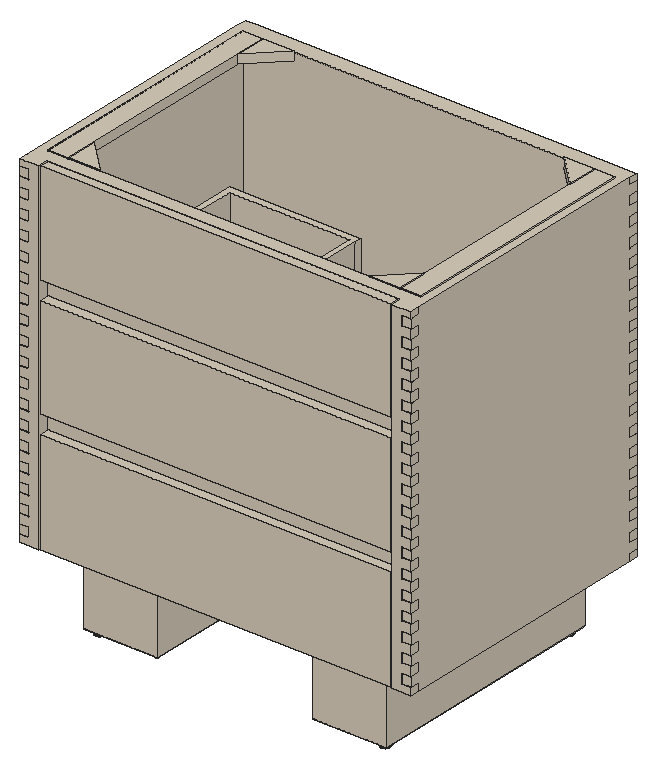
Revit family "Furniture-Floor_Mount-Vanity-KOHLER-Landshapes-K-32264_1", category Casework, host Face, Revit 2021
Family settings
  Host = Face
  OmniClass Number = 23.31.25.13
  OmniClass Title = Bathroom Cabinets
  Cut with Voids When Loaded = No
  Shared = No
  Room Calculation Point = No
Parameters (values of type "STT-White Oak")
  Width = 31.02362"  # constant formula
  WaterSense Certified = 1 = 0  # no
  URL = "https://www.us.kohler.com/us/"
  Type = 1
  Product Page URL = "http://www.us.kohler.com/us/catalog/productDetails.jsp?productNumber=32264"
  Product Name = "Landshapes"  # constant formula
  Product Documentation Link = "https://www.us.kohler.com/webassets/kpna/catalog/pdf/en/K-32264_spec_US-CA_Kohler_en.pdf"
  Model = if(Type = 1, "K-32264-STT", "NA")  # "K-32264-STT"
  Material = "Solid Wood"  # constant formula
  Master Format 2014 Name = "Bathroom Casework"  # constant formula
  Master Format 2014 = "12 35 30.23"  # constant formula
  Manufacturer Address = "Kohler  Co. 444 Highland Dr. Kohler, WI 53044"  # constant formula
  Manufacturer = "Kohler Co."  # constant formula
  Product Finish = Kohler-Wood-STT-White_Oak
  Height = 33.50394"  # constant formula
  Hardware Included = 1 = 0  # no
  Finish = if(Type = 1, "Kohler-Wood-STT", "NA")  # "Kohler-Wood-STT"
  Environmental Product Declaration = ""
  Description = "30 INCHES VANITY - DANIEL ARSHAM"  # constant formula
  Depth = 22.3622"  # constant formula
  Default Elevation = 0"
  Declare Label = ""
  Date Modified = "04/07/2024"  # constant formula
  Date Created = "04/07/2024"  # constant formula
  Copyright = "Copyright Kohler Co."  # constant formula
  Contact Us = "https://www.us.kohler.com/us/static/contact.jsp"
  Construction Type = "Floor Mount"  # constant formula
  Assembly Code = "E2010.30"
  ADA Compliant = 1 = 0  # no
Reference planes (in)
  plane 1 "Center (Front/Back)": y = 0
  plane 2: z = 0
  plane 3 "Center (Left/Right)": x = 0
  plane 4: y = 10.68898
  plane 5: y = -11.20079
  plane 6: x = -15.51181
  plane 7: x = 15.51181
  plane 8: y = -11.67323
  plane 9: z = 33.50394
  plane 10: y = 3.91732
  plane 11: y = -8.95669
  plane 12: x = -6
  plane 13: x = -11.3189
  plane 14: x = -13.89764
  plane 15: x = 6
  plane 16: x = 11.3189
  plane 17: x = 13.89764
  plane 18: z = 11.27559
  plane 19: z = 23.26772
  plane 20: z = 0.27559
  plane 21: z = 6.1811
  plane 22: y = 9.27165
Dimensions and locks (in)
  "Depth": plane 4 to plane 8
  "Width": plane 6 to plane 7
  "Height": plane 9 to level
  plane 8 to plane 10 = 15.59055"
  plane 12 to plane 15 = 12"
  plane 20 to level = 0.27559"
  plane 21 to plane 20 = 5.90551"
  plane 18 to plane 20 = 11"
  plane 19 to plane 18 = 11.99213"
  plane 22 to plane 11 = 18.22835"
  aligned and locked: plane 2 to host face
  aligned and locked: level to host face
  aligned and locked: plane 3 "Center (Left/Right)" to nested 1
  aligned and locked: plane 4 to nested 1
Automatic sketch dimensions
  host sketch curve to host sketch curve = 96"  (x2)
Nested families (in)
  nested 1: "K-32264" at (-0.7377, 12.32677, 0), type "K-32264"
Definition of nested family "K-32264"
  Parameters (values of type "K-32264")
    Material = none
    Depth = 24"
    Height = 33.50394"
    Width = 48"
    Default Elevation = 0"
  Reference planes (in)
    plane 1: z = 0
    plane 2 "Center (Left/Right)": x = 0.7377
    plane 3 "Left": x = -23.2623
    plane 4 "Right": x = 24.7377
    plane 5 "Front": y = -24
    plane 6 "Top": z = 33.50394
    plane 7: x = -14.77411
    plane 8: x = 16.24952
    plane 9: y = -1.6378
    plane 10: x = -13.15993
    plane 11: x = 14.63534
    plane 12: y = -8.40945
    plane 13: x = -5.2623
    plane 14: x = 6.7377
    plane 15: z = 0.27559
    plane 16: z = 6.1811
    plane 17: z = 11.27559
    plane 18: z = 23.26772
    plane 19: x = -10.58119
    plane 20: x = 12.0566
    plane 21: x = -11.28985
    plane 22: x = 12.76526
    plane 23: y = -2.38583
    plane 24: y = -21.28346
    plane 25: y = -3.05512
  Forms (in)
    Sweep 1, solid, material <- "Material", detail levels medium+fine
      path origin (0, 0, 0) x (1, 0, 0) y (0, 1, 0)
        loop
          line (-11.28985, -2.38583) -> (-11.28985, -22.0315) -> (-5.38434, -22.0315) -> (-5.38434, -2.38583) -> (-11.28985, -2.38583)
      profile origin (-11.28985, -12.20866, 0) x (1, 0, 0) y (0, 0, 1)
        loop
          line (0, 0.43342) -> (0.11832, 0.3151) -> (0.19685, 0.3151) -> (0.19685, 6.22082) -> (0, 6.22082) -> (0, 0.43342)
    Sweep 2, solid, material <- "Material", detail levels medium+fine
      path origin (1.47541, 0, 0) x (-1, 0, 0) y (0, -1, 0)
        loop
          line (-11.28985, 2.38583) -> (-5.38434, 2.38583) -> (-5.38434, 22.0315) -> (-11.28985, 22.0315) -> (-11.28985, 2.38583)
      profile origin (12.76526, -12.20866, 0) x (1, 0, 0) y (0, 0, 1)
        loop
          line (0, 0.43342) -> (0, 6.22082) -> (-0.19685, 6.22082) -> (-0.19685, 0.3151) -> (-0.11832, 0.3151) -> (0, 0.43342)
    Extrusion 3, solid, material <- "Material", detail levels medium+fine
      sketch origin (0, 0, 0) x (1, 0, 0) y (0, 1, 0)
        loop
          line (-11.093, -21.83465) -> (-5.58119, -21.83465) -> (-5.58119, -2.58268) -> (-11.093, -2.58268) -> (-11.093, -21.83465)
        loop
          line (7.0566, -2.58268) -> (7.0566, -21.83465) -> (12.56841, -21.83465) -> (12.56841, -2.58268) -> (7.0566, -2.58268)
      from 0.3151 to 6.22082
    Extrusion 4, solid, material <- "Material", detail levels medium+fine
      sketch origin (0, 0, 0) x (1, 0, 0) y (0, 1, 0)
        loop
          line (-13.27804, -24) -> (-13.27804, -23.17323) -> (14.75345, -23.17323) -> (14.75345, -23.25197) -> (14.75345, -24) -> (16.24952, -24) -> (16.24952, -1.6378) -> (15.50148, -1.6378) -> (-14.02607, -1.6378) -> (-14.77411, -1.6378) -> (-14.77411, -24) -> (-13.27804, -24)
        loop
          line (-14.02607, -22.11024) -> (15.50148, -22.11024) -> (15.50148, -2.85827) -> (-14.02607, -2.85827) -> (-14.02607, -22.11024)
      from 6.22082 to 33.46492
    Extrusion 5, void
      sketch origin (0.7377, 0, 0) x (0, 1, 0) y (0, 0, 1)
        loop
          line (-23.25197, 32.97279) -> (-23.25197, 33.54366) -> (-24.82677, 33.54366) -> (-24.82677, 5.9846) -> (-23.25197, 5.9846) -> (-23.25197, 6.79169) -> (-24, 6.79169) -> (-24, 7.53972) -> (-23.25197, 7.53972) -> (-23.25197, 8.28775) -> (-24, 8.28775) -> (-24, 9.03579) -> (-23.25197, 9.03579) -> (-23.25197, 9.78382) -> (-24, 9.78382) -> (-24, 10.53185) -> (-23.25197, 10.53185) -> (-23.25197, 11.27988) -> (-24, 11.27988) -> (-24, 12.02791) -> (-23.25197, 12.02791) -> (-23.25197, 12.77594) -> (-24, 12.77594) -> (-24, 13.52397) -> (-23.25197, 13.52397) -> (-23.25197, 14.27201) -> (-24, 14.27201) -> (-24, 15.02004) -> (-23.25197, 15.02004) -> (-23.25197, 15.76807) -> (-24, 15.76807) -> (-24, 16.5161) -> (-23.25197, 16.5161) -> (-23.25197, 17.26413) -> (-24, 17.26413) -> (-24, 18.01216) -> (-23.25197, 18.01216) -> (-23.25197, 18.76019) -> (-24, 18.76019) -> (-24, 19.50823) -> (-23.25197, 19.50823) -> (-23.25197, 20.25626) -> (-24, 20.25626) -> (-24, 21.00429) -> (-23.25197, 21.00429) -> (-23.25197, 21.75232) -> (-24, 21.75232) -> (-24, 22.50035) -> (-23.25197, 22.50035) -> (-23.25197, 23.24838) -> (-24, 23.24838) -> (-24, 23.99641) -> (-23.25197, 23.99641) -> (-23.25197, 24.74445) -> (-24, 24.74445) -> (-24, 25.49248) -> (-23.25197, 25.49248) -> (-23.25197, 26.24051) -> (-24, 26.24051) -> (-24, 26.98854) -> (-23.25197, 26.98854) -> (-23.25197, 27.73657) -> (-24, 27.73657) -> (-24, 28.4846) -> (-23.25197, 28.4846) -> (-23.25197, 29.23264) -> (-24, 29.23264) -> (-24, 29.98067) -> (-23.25197, 29.98067) -> (-23.25197, 30.7287) -> (-24, 30.7287) -> (-24, 31.47673) -> (-23.25197, 31.47673) -> (-23.25197, 32.22476) -> (-24, 32.22476) -> (-24, 32.97279) -> (-23.25197, 32.97279)
        loop
          line (-2.38583, 32.97279) -> (-1.6378, 32.97279) -> (-1.6378, 32.22476) -> (-2.38583, 32.22476) -> (-2.38583, 31.47673) -> (-1.6378, 31.47673) -> (-1.6378, 30.7287) -> (-2.38583, 30.7287) -> (-2.38583, 29.98067) -> (-1.6378, 29.98067) -> (-1.6378, 29.23264) -> (-2.38583, 29.23264) -> (-2.38583, 28.4846) -> (-1.6378, 28.4846) -> (-1.6378, 27.73657) -> (-2.38583, 27.73657) -> (-2.38583, 26.98854) -> (-1.6378, 26.98854) -> (-1.6378, 26.24051) -> (-2.38583, 26.24051) -> (-2.38583, 25.49248) -> (-1.6378, 25.49248) -> (-1.6378, 24.74445) -> (-2.38583, 24.74445) -> (-2.38583, 23.99641) -> (-1.6378, 23.99641) -> (-1.6378, 23.24838) -> (-2.38583, 23.24838) -> (-2.38583, 22.50035) -> (-1.6378, 22.50035) -> (-1.6378, 21.75232) -> (-2.38583, 21.75232) -> (-2.38583, 21.00429) -> (-1.6378, 21.00429) -> (-1.6378, 20.25626) -> (-2.38583, 20.25626) -> (-2.38583, 19.50823) -> (-1.6378, 19.50823) -> (-1.6378, 18.76019) -> (-2.38583, 18.76019) -> (-2.38583, 18.01216) -> (-1.6378, 18.01216) -> (-1.6378, 17.26413) -> (-2.38583, 17.26413) -> (-2.38583, 16.5161) -> (-1.6378, 16.5161) -> (-1.6378, 15.76807) -> (-2.38583, 15.76807) -> (-2.38583, 15.02004) -> (-1.6378, 15.02004) -> (-1.6378, 14.27201) -> (-2.38583, 14.27201) -> (-2.38583, 13.52397) -> (-1.6378, 13.52397) -> (-1.6378, 12.77594) -> (-2.38583, 12.77594) -> (-2.38583, 12.02791) -> (-1.6378, 12.02791) -> (-1.6378, 11.27988) -> (-2.38583, 11.27988) -> (-2.38583, 10.53185) -> (-1.6378, 10.53185) -> (-1.6378, 9.78382) -> (-2.38583, 9.78382) -> (-2.38583, 9.03579) -> (-1.6378, 9.03579) -> (-1.6378, 8.28775) -> (-2.38583, 8.28775) -> (-2.38583, 7.53972) -> (-1.6378, 7.53972) -> (-1.6378, 6.79169) -> (-2.38583, 6.79169) -> (-2.38583, 5.9846) -> (-0.81102, 5.9846) -> (-0.81102, 33.54366) -> (-2.38583, 33.54366) -> (-2.38583, 32.97279)
      from 15.50197 to 18.57877
    Extrusion 6, void
      sketch origin (0.7377, 0, 0) x (0, 1, 0) y (0, 0, -1)
        loop
          line (-23.25197, -32.97279) -> (-24, -32.97279) -> (-24, -32.22476) -> (-23.25197, -32.22476) -> (-23.25197, -31.47673) -> (-24, -31.47673) -> (-24, -30.7287) -> (-23.25197, -30.7287) -> (-23.25197, -29.98067) -> (-24, -29.98067) -> (-24, -29.23264) -> (-23.25197, -29.23264) -> (-23.25197, -28.4846) -> (-24, -28.4846) -> (-24, -27.73657) -> (-23.25197, -27.73657) -> (-23.25197, -26.98854) -> (-24, -26.98854) -> (-24, -26.24051) -> (-23.25197, -26.24051) -> (-23.25197, -25.49248) -> (-24, -25.49248) -> (-24, -24.74445) -> (-23.25197, -24.74445) -> (-23.25197, -23.99641) -> (-24, -23.99641) -> (-24, -23.24838) -> (-23.25197, -23.24838) -> (-23.25197, -22.50035) -> (-24, -22.50035) -> (-24, -21.75232) -> (-23.25197, -21.75232) -> (-23.25197, -21.00429) -> (-24, -21.00429) -> (-24, -20.25626) -> (-23.25197, -20.25626) -> (-23.25197, -19.50823) -> (-24, -19.50823) -> (-24, -18.76019) -> (-23.25197, -18.76019) -> (-23.25197, -18.01216) -> (-24, -18.01216) -> (-24, -17.26413) -> (-23.25197, -17.26413) -> (-23.25197, -16.5161) -> (-24, -16.5161) -> (-24, -15.76807) -> (-23.25197, -15.76807) -> (-23.25197, -15.02004) -> (-24, -15.02004) -> (-24, -14.27201) -> (-23.25197, -14.27201) -> (-23.25197, -13.52397) -> (-24, -13.52397) -> (-24, -12.77594) -> (-23.25197, -12.77594) -> (-23.25197, -12.02791) -> (-24, -12.02791) -> (-24, -11.27988) -> (-23.25197, -11.27988) -> (-23.25197, -10.53185) -> (-24, -10.53185) -> (-24, -9.78382) -> (-23.25197, -9.78382) -> (-23.25197, -9.03579) -> (-24, -9.03579) -> (-24, -8.28775) -> (-23.25197, -8.28775) -> (-23.25197, -7.53972) -> (-24, -7.53972) -> (-24, -6.79169) -> (-23.25197, -6.79169) -> (-23.25197, -5.9846) -> (-24.82677, -5.9846) -> (-24.82677, -33.54366) -> (-23.25197, -33.54366) -> (-23.25197, -32.97279)
        loop
          line (-2.38583, -32.97279) -> (-2.38583, -33.54366) -> (-0.81102, -33.54366) -> (-0.81102, -5.9846) -> (-2.38583, -5.9846) -> (-2.38583, -6.79169) -> (-1.6378, -6.79169) -> (-1.6378, -7.53972) -> (-2.38583, -7.53972) -> (-2.38583, -8.28775) -> (-1.6378, -8.28775) -> (-1.6378, -9.03579) -> (-2.38583, -9.03579) -> (-2.38583, -9.78382) -> (-1.6378, -9.78382) -> (-1.6378, -10.53185) -> (-2.38583, -10.53185) -> (-2.38583, -11.27988) -> (-1.6378, -11.27988) -> (-1.6378, -12.02791) -> (-2.38583, -12.02791) -> (-2.38583, -12.77594) -> (-1.6378, -12.77594) -> (-1.6378, -13.52397) -> (-2.38583, -13.52397) -> (-2.38583, -14.27201) -> (-1.6378, -14.27201) -> (-1.6378, -15.02004) -> (-2.38583, -15.02004) -> (-2.38583, -15.76807) -> (-1.6378, -15.76807) -> (-1.6378, -16.5161) -> (-2.38583, -16.5161) -> (-2.38583, -17.26413) -> (-1.6378, -17.26413) -> (-1.6378, -18.01216) -> (-2.38583, -18.01216) -> (-2.38583, -18.76019) -> (-1.6378, -18.76019) -> (-1.6378, -19.50823) -> (-2.38583, -19.50823) -> (-2.38583, -20.25626) -> (-1.6378, -20.25626) -> (-1.6378, -21.00429) -> (-2.38583, -21.00429) -> (-2.38583, -21.75232) -> (-1.6378, -21.75232) -> (-1.6378, -22.50035) -> (-2.38583, -22.50035) -> (-2.38583, -23.24838) -> (-1.6378, -23.24838) -> (-1.6378, -23.99641) -> (-2.38583, -23.99641) -> (-2.38583, -24.74445) -> (-1.6378, -24.74445) -> (-1.6378, -25.49248) -> (-2.38583, -25.49248) -> (-2.38583, -26.24051) -> (-1.6378, -26.24051) -> (-1.6378, -26.98854) -> (-2.38583, -26.98854) -> (-2.38583, -27.73657) -> (-1.6378, -27.73657) -> (-1.6378, -28.4846) -> (-2.38583, -28.4846) -> (-2.38583, -29.23264) -> (-1.6378, -29.23264) -> (-1.6378, -29.98067) -> (-2.38583, -29.98067) -> (-2.38583, -30.7287) -> (-1.6378, -30.7287) -> (-1.6378, -31.47673) -> (-2.38583, -31.47673) -> (-2.38583, -32.22476) -> (-1.6378, -32.22476) -> (-1.6378, -32.97279) -> (-2.38583, -32.97279)
      from 15.50197 to 18.57877
    Extrusion 7, void
      sketch origin (0, -24, 0) x (1, 0, 0) y (0, 0, 1)
        loop
          line (-14.02607, 32.97279) -> (-14.77411, 32.97279) -> (-14.77411, 33.76019) -> (-15.36466, 33.76019) -> (-15.36466, 5.80744) -> (-14.77411, 5.80744) -> (-14.77411, 6.79169) -> (-14.02607, 6.79169) -> (-14.02607, 7.53972) -> (-14.77411, 7.53972) -> (-14.77411, 8.28775) -> (-14.02607, 8.28775) -> (-14.02607, 9.03579) -> (-14.77411, 9.03579) -> (-14.77411, 9.78382) -> (-14.02607, 9.78382) -> (-14.02607, 10.53185) -> (-14.77411, 10.53185) -> (-14.77411, 11.27988) -> (-14.02607, 11.27988) -> (-14.02607, 12.02791) -> (-14.77411, 12.02791) -> (-14.77411, 12.77594) -> (-14.02607, 12.77594) -> (-14.02607, 13.52397) -> (-14.77411, 13.52397) -> (-14.77411, 14.27201) -> (-14.02607, 14.27201) -> (-14.02607, 15.02004) -> (-14.77411, 15.02004) -> (-14.77411, 15.76807) -> (-14.02607, 15.76807) -> (-14.02607, 16.5161) -> (-14.77411, 16.5161) -> (-14.77411, 17.26413) -> (-14.02607, 17.26413) -> (-14.02607, 18.01216) -> (-14.77411, 18.01216) -> (-14.77411, 18.76019) -> (-14.02607, 18.76019) -> (-14.02607, 19.50823) -> (-14.77411, 19.50823) -> (-14.77411, 20.25626) -> (-14.02607, 20.25626) -> (-14.02607, 21.00429) -> (-14.77411, 21.00429) -> (-14.77411, 21.75232) -> (-14.02607, 21.75232) -> (-14.02607, 22.50035) -> (-14.77411, 22.50035) -> (-14.77411, 23.24838) -> (-14.02607, 23.24838) -> (-14.02607, 23.99641) -> (-14.77411, 23.99641) -> (-14.77411, 24.74445) -> (-14.02607, 24.74445) -> (-14.02607, 25.49248) -> (-14.77411, 25.49248) -> (-14.77411, 26.24051) -> (-14.02607, 26.24051) -> (-14.02607, 26.98854) -> (-14.77411, 26.98854) -> (-14.77411, 27.73657) -> (-14.02607, 27.73657) -> (-14.02607, 28.4846) -> (-14.77411, 28.4846) -> (-14.77411, 29.23264) -> (-14.02607, 29.23264) -> (-14.02607, 29.98067) -> (-14.77411, 29.98067) -> (-14.77411, 30.7287) -> (-14.02607, 30.7287) -> (-14.02607, 31.47673) -> (-14.77411, 31.47673) -> (-14.77411, 32.22476) -> (-14.02607, 32.22476) -> (-14.02607, 32.97279)
        loop
          line (15.50148, 32.97279) -> (15.50148, 32.22476) -> (16.24952, 32.22476) -> (16.24952, 31.47673) -> (15.50148, 31.47673) -> (15.50148, 30.7287) -> (16.24952, 30.7287) -> (16.24952, 29.98067) -> (15.50148, 29.98067) -> (15.50148, 29.23264) -> (16.24952, 29.23264) -> (16.24952, 28.4846) -> (15.50148, 28.4846) -> (15.50148, 27.73657) -> (16.24952, 27.73657) -> (16.24952, 26.98854) -> (15.50148, 26.98854) -> (15.50148, 26.24051) -> (16.24952, 26.24051) -> (16.24952, 25.49248) -> (15.50148, 25.49248) -> (15.50148, 24.74445) -> (16.24952, 24.74445) -> (16.24952, 23.99641) -> (15.50148, 23.99641) -> (15.50148, 23.24838) -> (16.24952, 23.24838) -> (16.24952, 22.50035) -> (15.50148, 22.50035) -> (15.50148, 21.75232) -> (16.24952, 21.75232) -> (16.24952, 21.00429) -> (15.50148, 21.00429) -> (15.50148, 20.25626) -> (16.24952, 20.25626) -> (16.24952, 19.50823) -> (15.50148, 19.50823) -> (15.50148, 18.76019) -> (16.24952, 18.76019) -> (16.24952, 18.01216) -> (15.50148, 18.01216) -> (15.50148, 17.26413) -> (16.24952, 17.26413) -> (16.24952, 16.5161) -> (15.50148, 16.5161) -> (15.50148, 15.76807) -> (16.24952, 15.76807) -> (16.24952, 15.02004) -> (15.50148, 15.02004) -> (15.50148, 14.27201) -> (16.24952, 14.27201) -> (16.24952, 13.52397) -> (15.50148, 13.52397) -> (15.50148, 12.77594) -> (16.24952, 12.77594) -> (16.24952, 12.02791) -> (15.50148, 12.02791) -> (15.50148, 11.27988) -> (16.24952, 11.27988) -> (16.24952, 10.53185) -> (15.50148, 10.53185) -> (15.50148, 9.78382) -> (16.24952, 9.78382) -> (16.24952, 9.03579) -> (15.50148, 9.03579) -> (15.50148, 8.28775) -> (16.24952, 8.28775) -> (16.24952, 7.53972) -> (15.50148, 7.53972) -> (15.50148, 6.79169) -> (16.24952, 6.79169) -> (16.24952, 5.80744) -> (16.84007, 5.80744) -> (16.84007, 33.76019) -> (16.24952, 33.76019) -> (16.24952, 32.97279) -> (15.50148, 32.97279)
      from -0.03852 to 2.32553
    Extrusion 8, solid, material <- "Material", detail levels medium+fine
      sketch origin (0, -24, 0) x (1, 0, 0) y (0, 0, 1)
        loop
          line (-13.15993, 25.39405) -> (14.63534, 25.39405) -> (14.63534, 33.46492) -> (-13.15993, 33.46492) -> (-13.15993, 25.39405)
        loop
          line (14.63534, 23.93736) -> (-13.15993, 23.93736) -> (-13.15993, 15.86649) -> (14.63534, 15.86649) -> (14.63534, 23.93736)
        loop
          line (14.63534, 6.22082) -> (14.63534, 14.4098) -> (-13.15993, 14.4098) -> (-13.15993, 6.22082) -> (14.63534, 6.22082)
      from -0.82677 to -0.03852
    Extrusion 9, solid, material <- "Material", detail levels medium+fine
      sketch origin (0, 0, 0) x (1, 0, 0) y (0, 1, 0)
        loop
          line (-14.02607, -2.85827) -> (-14.02607, -22.11024) -> (15.50148, -22.11024) -> (15.50148, -2.85827) -> (-14.02607, -2.85827)
      from 6.22082 to 6.81521
    Extrusion 10, solid, material <- "Material", detail levels medium+fine
      sketch origin (0, 0, 0) x (1, 0, 0) y (0, 1, 0)
        loop
          line (15.50148, -2.85827) -> (11.42274, -2.85827) -> (13.92668, -5.3622) -> (13.92668, -19.6063) -> (11.42274, -22.11024) -> (15.50148, -22.11024) -> (15.50148, -2.85827)
        loop
          line (-14.02607, -22.11024) -> (-9.94733, -22.11024) -> (-12.45127, -19.6063) -> (-12.45127, -5.3622) -> (-9.94733, -2.85827) -> (-14.02607, -2.85827) -> (-14.02607, -22.11024)
      from 32.79563 to 33.50394
    Extrusion 11, void
      sketch origin (0, 0, 0) x (1, 0, 0) y (0, 1, 0)
        loop
          line (13.92668, -5.3622) -> (13.92668, -2.85827) -> (13.88463, -2.85827) -> (13.88463, -5.32016) -> (13.92668, -5.3622)
        loop
          line (13.92668, -19.6063) -> (13.88463, -19.64835) -> (13.88463, -22.11024) -> (13.92668, -22.11024) -> (13.92668, -19.6063)
        loop
          line (-12.45127, -5.3622) -> (-12.40922, -5.32016) -> (-12.40922, -2.85827) -> (-12.45127, -2.85827) -> (-12.45127, -5.3622)
        loop
          line (-12.45127, -19.6063) -> (-12.45127, -22.11024) -> (-12.40922, -22.11024) -> (-12.40922, -19.64835) -> (-12.45127, -19.6063)
      from 32.28765 to 38.28806
    Extrusion 12, solid, material <- "Material", detail levels medium+fine
      sketch origin (0, 0, 0) x (1, 0, 0) y (0, 1, 0)
        loop
          line (-2.90403, -6.08661) -> (-2.90403, -23.09449) -> (-2.51033, -23.09449) -> (-2.51033, -15.77165) -> (3.98574, -15.77165) -> (3.98574, -23.09449) -> (4.37944, -23.09449) -> (4.37944, -6.08661) -> (13.98306, -6.08661) -> (13.98306, -22.11024) -> (14.35975, -22.11024) -> (14.35975, -5.5748) -> (3.98574, -5.5748) -> (3.98574, -6.08661) -> (3.98574, -15.37795) -> (-2.51033, -15.37795) -> (-2.51033, -6.08661) -> (-2.51033, -5.5748) -> (-12.88434, -5.5748) -> (-12.88434, -22.62205) -> (-12.49064, -22.62205) -> (-12.49064, -6.08661) -> (-2.90403, -6.08661)
      from 16.5161 to 23.99641
    Extrusion 13, solid, material <- "Material"
      sketch origin (0, 0, 0) x (1, 0, 0) y (0, 1, 0)
        loop
          line (14.35975, -5.5748) -> (-12.88434, -5.5748) -> (-12.88434, -23.2126) -> (-12.49064, -23.2126) -> (-12.49064, -6.08661) -> (13.7692, -6.08661) -> (13.7692, -22.70079) -> (14.35975, -22.70079) -> (14.35975, -5.5748)
      from 8.28775 to 13.94324
    Extrusion 14, solid, material <- "Material", detail levels medium+fine
      sketch origin (0, 0, 0) x (1, 0, 0) y (0, 1, 0)
        loop
          line (-12.49064, -6.08661) -> (-12.49064, -23.09449) -> (13.98306, -23.09449) -> (13.98306, -6.08661) -> (3.98574, -6.08661) -> (3.98574, -15.37795) -> (-2.60875, -15.37795) -> (-2.60875, -6.08661) -> (-12.49064, -6.08661)
      from 16.5161 to 17.14986
    Extrusion 15, solid, material <- "Material"
      sketch origin (0, 0, 0) x (1, 0, 0) y (0, 1, 0)
        loop
          line (-12.49064, -6.08661) -> (-12.49064, -23.09449) -> (13.7692, -23.09449) -> (13.7692, -6.08661) -> (-12.49064, -6.08661)
      from 8.28775 to 8.62613
    Extrusion 16, solid, detail levels medium+fine
      sketch origin (0, -24, 0) x (1, 0, 0) y (0, 0, 1)
        loop
          line (-13.08119, 15.5476) -> (-11.83316, 15.5476)
          arc (-11.83316, 15.5476) -> (-11.74964, 15.58219) -> (-11.71505, 15.66571) r 0.11811
          line (-11.71505, 15.66571) -> (-11.71505, 16.08303) -> (-12.06938, 16.08303) -> (-12.06938, 15.92555) -> (-11.79379, 15.92555) -> (-11.79379, 15.66569)
          arc (-11.79379, 15.66569) -> (-11.80532, 15.63786) -> (-11.83316, 15.62632) r 0.03937
          line (-11.83316, 15.62632) -> (-13.08119, 15.62632)
          arc (-13.08119, 15.62632) -> (-13.16471, 15.66092) -> (-13.1993, 15.74443) r 0.11811
          line (-13.1993, 15.74443) -> (-13.1993, 16.18231) -> (-13.15993, 16.22168) -> (-13.15993, 16.86059) -> (-13.27804, 16.86059) -> (-13.27804, 16.55547) -> (-13.47489, 16.55547) -> (-13.47489, 16.16177) -> (-13.27804, 16.16177) -> (-13.27804, 15.74445)
          arc (-13.27804, 15.74445) -> (-13.22039, 15.60525) -> (-13.08119, 15.5476) r 0.19685
        loop
          line (-11.69086, 15.62632) -> (-11.34043, 15.62632) -> (-11.34043, 15.69236) -> (-11.49953, 15.69236) -> (-11.49953, 15.82494) -> (-11.37413, 15.82494) -> (-11.37413, 16.1072) -> (-10.78358, 16.1072) -> (-10.78358, 16.21386) -> (-10.4477, 16.21386) -> (-10.4477, 16.44956) -> (-10.59502, 16.44956) -> (-10.59502, 16.5161) -> (-12.49064, 16.5161) -> (-12.49064, 16.1072) -> (-12.38936, 16.1072) -> (-12.38936, 15.64563) -> (-11.93681, 15.64563) -> (-11.93681, 15.91035) -> (-12.08456, 15.91035) -> (-12.08456, 16.1072) -> (-11.69086, 16.1072) -> (-11.69086, 15.62632)
        loop
          arc (14.5566, 15.5476) -> (14.6958, 15.60525) -> (14.75345, 15.74445) r 0.19685
          line (14.75345, 15.74445) -> (14.75345, 16.16177) -> (14.9503, 16.16177) -> (14.9503, 16.55547) -> (14.75345, 16.55547) -> (14.75345, 16.86059) -> (14.63534, 16.86059) -> (14.63534, 16.22168) -> (14.67471, 16.18231) -> (14.67471, 15.74443)
          arc (14.67471, 15.74443) -> (14.64012, 15.66092) -> (14.5566, 15.62632) r 0.11811
          line (14.5566, 15.62632) -> (13.30857, 15.62632)
          arc (13.30857, 15.62632) -> (13.28073, 15.63786) -> (13.2692, 15.66569) r 0.03937
          line (13.2692, 15.66569) -> (13.2692, 15.92555) -> (13.54479, 15.92555) -> (13.54479, 16.08303) -> (13.19046, 16.08303) -> (13.19046, 15.66571)
          arc (13.19046, 15.66571) -> (13.22505, 15.58219) -> (13.30857, 15.5476) r 0.11811
          line (13.30857, 15.5476) -> (14.5566, 15.5476)
        loop
          line (13.16627, 15.62632) -> (13.16627, 16.1072) -> (13.55997, 16.1072) -> (13.55997, 15.91035) -> (13.41222, 15.91035) -> (13.41222, 15.64563) -> (13.86477, 15.64563) -> (13.86477, 16.1072) -> (13.96605, 16.1072) -> (13.96605, 16.5161) -> (12.07043, 16.5161) -> (12.07043, 16.44956) -> (11.92311, 16.44956) -> (11.92311, 16.21386) -> (12.25899, 16.21386) -> (12.25899, 16.1072) -> (12.84954, 16.1072) -> (12.84954, 15.82494) -> (12.97494, 15.82494) -> (12.97494, 15.69236) -> (12.81584, 15.69236) -> (12.81584, 15.62632) -> (13.16627, 15.62632)
        loop
          line (-13.08119, 7.31925) -> (-11.83316, 7.31925)
          arc (-11.83316, 7.31925) -> (-11.74964, 7.35384) -> (-11.71505, 7.43736) r 0.11811
          line (-11.71505, 7.43736) -> (-11.71505, 7.85468) -> (-12.06938, 7.85468) -> (-12.06938, 7.6972) -> (-11.79379, 7.6972) -> (-11.79379, 7.43735)
          arc (-11.79379, 7.43735) -> (-11.80532, 7.40951) -> (-11.83316, 7.39798) r 0.03937
          line (-11.83316, 7.39798) -> (-13.08119, 7.39798)
          arc (-13.08119, 7.39798) -> (-13.16471, 7.43257) -> (-13.1993, 7.51609) r 0.11811
          line (-13.1993, 7.51609) -> (-13.1993, 7.95397) -> (-13.15993, 7.99334) -> (-13.15993, 8.63224) -> (-13.27804, 8.63224) -> (-13.27804, 8.32712) -> (-13.47489, 8.32712) -> (-13.47489, 7.93342) -> (-13.27804, 7.93342) -> (-13.27804, 7.5161)
          arc (-13.27804, 7.5161) -> (-13.22039, 7.37691) -> (-13.08119, 7.31925) r 0.19685
        loop
          line (-11.69086, 7.39798) -> (-11.34043, 7.39798) -> (-11.34043, 7.46401) -> (-11.49953, 7.46401) -> (-11.49953, 7.5966) -> (-11.37413, 7.5966) -> (-11.37413, 7.87886) -> (-10.78358, 7.87886) -> (-10.78358, 7.98551) -> (-10.4477, 7.98551) -> (-10.4477, 8.22121) -> (-10.59502, 8.22121) -> (-10.59502, 8.28775) -> (-12.49064, 8.28775) -> (-12.49064, 7.87886) -> (-12.38936, 7.87886) -> (-12.38936, 7.41729) -> (-11.93681, 7.41729) -> (-11.93681, 7.68201) -> (-12.08456, 7.68201) -> (-12.08456, 7.87886) -> (-11.69086, 7.87886) -> (-11.69086, 7.39798)
        loop
          arc (14.5566, 7.31925) -> (14.6958, 7.37691) -> (14.75345, 7.5161) r 0.19685
          line (14.75345, 7.5161) -> (14.75345, 7.93342) -> (14.9503, 7.93342) -> (14.9503, 8.32712) -> (14.75345, 8.32712) -> (14.75345, 8.63224) -> (14.63534, 8.63224) -> (14.63534, 7.99334) -> (14.67471, 7.95397) -> (14.67471, 7.51609)
          arc (14.67471, 7.51609) -> (14.64012, 7.43257) -> (14.5566, 7.39798) r 0.11811
          line (14.5566, 7.39798) -> (13.30857, 7.39798)
          arc (13.30857, 7.39798) -> (13.28073, 7.40951) -> (13.2692, 7.43735) r 0.03937
          line (13.2692, 7.43735) -> (13.2692, 7.6972) -> (13.54479, 7.6972) -> (13.54479, 7.85468) -> (13.19046, 7.85468) -> (13.19046, 7.43736)
          arc (13.19046, 7.43736) -> (13.22505, 7.35384) -> (13.30857, 7.31925) r 0.11811
          line (13.30857, 7.31925) -> (14.5566, 7.31925)
        loop
          line (13.16627, 7.39798) -> (13.16627, 7.87886) -> (13.55997, 7.87886) -> (13.55997, 7.68201) -> (13.41222, 7.68201) -> (13.41222, 7.41729) -> (13.86477, 7.41729) -> (13.86477, 7.87886) -> (13.96605, 7.87886) -> (13.96605, 8.28775) -> (12.07043, 8.28775) -> (12.07043, 8.22121) -> (11.92311, 8.22121) -> (11.92311, 7.98551) -> (12.25899, 7.98551) -> (12.25899, 7.87886) -> (12.84954, 7.87886) -> (12.84954, 7.5966) -> (12.97494, 7.5966) -> (12.97494, 7.46401) -> (12.81584, 7.46401) -> (12.81584, 7.39798) -> (13.16627, 7.39798)
      from -18.65126 to -1.37795
    Revolve 17, solid, detail levels medium+fine
      sketch origin (0, -21.28346, 42.3372) x (0, 0, 1) y (-1, 0, 0)
        loop
          line (-42.3372, 10.58119) -> (-42.02188, 10.58119) -> (-42.02188, 10.97489) -> (-42.28835, 10.97489)
          arc (-42.28835, 10.97489) -> (-42.32289, 10.96059) -> (-42.3372, 10.92604) r 0.04885
          line (-42.3372, 10.92604) -> (-42.3372, 10.58119)
        axis (-42.3372, 10.58119) -> (-42.02188, 10.58119)
      angle from 0 to 360
    Revolve 18, solid, detail levels medium+fine
      sketch origin (0, -3.13386, 42.3372) x (0, 0, 1) y (1, 0, 0)
        loop
          line (-42.3372, -10.58119) -> (-42.3372, -10.92604)
          arc (-42.3372, -10.92604) -> (-42.32289, -10.96059) -> (-42.28835, -10.97489) r 0.04885
          line (-42.28835, -10.97489) -> (-42.02188, -10.97489) -> (-42.02188, -10.58119) -> (-42.3372, -10.58119)
        axis (-42.3372, -10.58119) -> (-42.02188, -10.58119)
      angle from 0 to 360
    Revolve 19, solid, detail levels medium+fine
      sketch origin (1.47541, -21.28346, 42.3372) x (0, 0, 1) y (-1, 0, 0)
        loop
          line (-42.3372, -10.58119) -> (-42.3372, -10.92604)
          arc (-42.3372, -10.92604) -> (-42.32289, -10.96059) -> (-42.28835, -10.97489) r 0.04885
          line (-42.28835, -10.97489) -> (-42.02188, -10.97489) -> (-42.02188, -10.58119) -> (-42.3372, -10.58119)
        axis (-42.3372, -10.58119) -> (-42.02188, -10.58119)
      angle from 0 to 360
    Revolve 20, solid, detail levels medium+fine
      sketch origin (1.47541, -3.13386, 42.3372) x (0, 0, 1) y (1, 0, 0)
        loop
          line (-42.3372, 10.58119) -> (-42.02188, 10.58119) -> (-42.02188, 10.97489) -> (-42.28835, 10.97489)
          arc (-42.28835, 10.97489) -> (-42.32289, 10.96059) -> (-42.3372, 10.92604) r 0.04885
          line (-42.3372, 10.92604) -> (-42.3372, 10.58119)
        axis (-42.3372, 10.58119) -> (-42.02188, 10.58119)
      angle from 0 to 360
    Extrusion 21, solid, material <- "Material", detail levels medium+fine
      sketch origin (24.7377, 0, 0) x (0, -1, 0) y (0, 0, 1)
        loop
          arc (17.37743, 24.24357) -> (16.99426, 23.98754) -> (16.54227, 23.89764) r 1.1811
          line (16.54227, 23.89764) -> (22.84148, 23.89764) -> (22.84148, 27.75591) -> (21.37899, 27.75591)
          arc (21.37899, 27.75591) -> (20.927, 27.666) -> (20.54383, 27.40997) r 1.1811
          line (20.54383, 27.40997) -> (17.37743, 24.24357)
      from 10.37795 to 10.75465
    Extrusion 22, solid, material <- "Material", detail levels medium+fine
      sketch origin (-23.2623, 0, 0) x (0, -1, 0) y (0, 0, -1)
        loop
          line (17.37743, -24.24357) -> (20.54383, -27.40997)
          arc (20.54383, -27.40997) -> (20.927, -27.666) -> (21.37899, -27.75591) r 1.1811
          line (21.37899, -27.75591) -> (22.84148, -27.75591) -> (22.84148, -23.89764) -> (16.54227, -23.89764)
          arc (16.54227, -23.89764) -> (16.99426, -23.98754) -> (17.37743, -24.24357) r 1.1811
      from 10.37795 to 10.77165
    Extrusion 23, solid, material <- "Material", detail levels coarse
      sketch origin (0, 0.03937, 0) x (1, 0, 0) y (0, 1, 0)
        loop
          line (-14.77411, -24) -> (1.48574, -24) -> (16.24952, -24) -> (16.24952, -1.6378) -> (15.50148, -1.6378) -> (-14.02607, -1.6378) -> (-14.77411, -1.6378) -> (-14.77411, -24)
        loop
          line (-14.02607, -22.11024) -> (15.50148, -22.11024) -> (15.50148, -2.85827) -> (-14.02607, -2.85827) -> (-14.02607, -22.11024)
      from 6.22082 to 33.46492
    Extrusion 24, solid, material <- "Material", detail levels coarse
      sketch origin (-0.09843, 0, 0) x (1, 0, 0) y (0, 1, 0)
        loop
          line (-2.90403, -6.08661) -> (-2.90403, -23.09449) -> (-2.51033, -23.09449) -> (-2.51033, -15.77165) -> (3.98574, -15.77165) -> (3.98574, -23.09449) -> (4.37944, -23.09449) -> (4.37944, -6.08661) -> (13.98306, -6.08661) -> (13.98306, -22.11024) -> (14.35975, -22.11024) -> (14.35975, -5.5748) -> (3.98574, -5.5748) -> (3.98574, -15.37795) -> (-2.51033, -15.37795) -> (-2.51033, -5.5748) -> (-12.88434, -5.5748) -> (-12.88434, -22.62205) -> (-12.49064, -22.62205) -> (-12.49064, -6.08661) -> (-2.90403, -6.08661)
      from 16.5161 to 23.99641
    Extrusion 25, solid, material <- "Material", detail levels coarse
      sketch origin (0, 0, 0) x (1, 0, 0) y (0, 1, 0)
        loop
          line (-11.28985, -2.38583) -> (-11.28985, -22.0315) -> (-5.38434, -22.0315) -> (-5.38434, -2.38583) -> (-11.28985, -2.38583)
        loop
          line (6.85975, -2.38583) -> (6.85975, -22.0315) -> (12.76526, -22.0315) -> (12.76526, -2.38583) -> (6.85975, -2.38583)
      from 0.3151 to 6.22082
    Extrusion 26, solid, material <- "Material", detail levels coarse
      sketch origin (0.09575, -0.07874, 0) x (1, 0, 0) y (0, 1, 0)
        loop
          line (-12.54702, -6.08661) -> (-12.54702, -23.09449) -> (13.98306, -23.09449) -> (13.98306, -6.08661) -> (3.79156, -6.08661) -> (3.79156, -15.29921) -> (-2.60607, -15.29921) -> (-2.60607, -6.08661) -> (-12.54702, -6.08661)
      from 16.5161 to 17.14986
    Extrusion 27, solid, detail levels coarse
      sketch origin (0, 0, 0) x (1, 0, 0) y (0, 1, 0)
        loop
          circle (-10.58119, -3.13386) r 0.3937
        loop
          circle (-10.58119, -21.28346) r 0.3937
        loop
          circle (12.0566, -21.28346) r 0.3937
        loop
          circle (12.0566, -3.13386) r 0.3937
      from 0 to 0.43342
    Extrusion 28, solid, material <- "Material", detail levels coarse
      sketch origin (0, 0.03937, 0) x (1, 0, 0) y (0, 1, 0)
        loop
          line (-14.02607, -2.85827) -> (-14.02607, -22.11024) -> (15.50148, -22.11024) -> (15.50148, -2.85827) -> (-14.02607, -2.85827)
      from 6.22082 to 6.81521
    Extrusion 29, void
      sketch origin (0, -24, 0) x (1, 0, 0) y (0, 0, 1)
        loop
          line (-13.15993, 25.35433) -> (-13.15993, 24.01575) -> (14.63534, 24.01575) -> (14.63534, 25.35433) -> (-13.15993, 25.35433)
        loop
          line (-13.15993, 14.48819) -> (14.63534, 14.48819) -> (14.63534, 15.82677) -> (-13.15993, 15.82677) -> (-13.15993, 14.48819)
        loop
          line (-13.27804, 33.50394) -> (-13.27804, 6.1811) -> (-13.20179, 6.1811) -> (-13.20179, 33.50394) -> (-13.27804, 33.50394)
        loop
          line (14.75345, 33.50394) -> (14.6772, 33.50394) -> (14.6772, 6.1811) -> (14.75345, 6.1811) -> (14.75345, 33.50394)
      from -0.37162 to 1.73137
    Extrusion 30, solid, material <- "Material", detail levels medium+fine
      sketch origin (0.7377, 0, 0) x (0, 1, 0) y (0, 0, 1)
        loop
          line (-2.63729, 14.48223) -> (-2.63729, 16.45073) -> (-23.18847, 16.45073) -> (-23.18847, 14.48223) -> (-2.63729, 14.48223)
        loop
          line (-2.63729, 6.8838) -> (-2.63729, 8.85231) -> (-23.58217, 8.85231) -> (-23.58217, 6.8838) -> (-2.63729, 6.8838)
      from 14.01575 to 14.76378
    Extrusion 31, void
      sketch origin (0, -24, 0) x (1, 0, 0) y (0, 0, 1)
        loop
          line (3.24803, 11.8838) -> (3.24803, 14.09807) -> (-3.24803, 14.09807) -> (-3.24803, 11.8838) -> (3.24803, 11.8838)
      from -21.61417 to -16.36503
    Extrusion 32, solid, material <- "Material", detail levels medium+fine
      sketch origin (0.7377, 0, 0) x (0, 1, 0) y (0, 0, -1)
        loop
          line (-2.63729, -14.48223) -> (-23.18847, -14.48223) -> (-23.18847, -16.45073) -> (-2.63729, -16.45073) -> (-2.63729, -14.48223)
        loop
          line (-2.63729, -6.8838) -> (-23.58217, -6.8838) -> (-23.58217, -8.85231) -> (-2.63729, -8.85231) -> (-2.63729, -6.8838)
      from 14.01575 to 14.76378
    Extrusion 33, void
      sketch origin (0, -24, 0) x (1, 0, 0) y (0, 0, 1)
        loop
          line (14.76378, 27.73657) -> (14.76378, 32.3622) -> (-13.15993, 32.3622) -> (-13.15993, 27.73657) -> (14.76378, 27.73657)
      from -3.61546 to -1.37795
  Cuts and joins
    joined: Sweep 1, Sweep 2, Extrusion 3
    Extrusion 5, Extrusion 6, Extrusion 7, Extrusion 33 cuts Extrusion 4
    Extrusion 11 cuts Extrusion 10
    joined: Extrusion 12, Extrusion 21, Extrusion 22
    Extrusion 31 cuts Extrusion 13
    joined: Extrusion 13, Extrusion 15
    Extrusion 29 cuts Extrusion 23
  Lines and regions (in)
    Masking region 1
      outline origin (0, 0, 0) x (1, 0, 0) y (0, 1, 0)
        loop
          line (-14.77411, -1.6378) -> (-14.77411, -24) -> (-13.27804, -24) -> (-13.27804, -23.17323) -> (-12.88434, -23.17323) -> (-12.88434, -23.25197) -> (-13.15993, -23.25197) -> (-13.15993, -24) -> (14.63534, -24) -> (14.63534, -23.25197) -> (14.35975, -23.25197) -> (14.35975, -23.17323) -> (14.75345, -23.17323) -> (14.75345, -24) -> (16.24952, -24) -> (16.24952, -1.6378) -> (-14.77411, -1.6378)
    Masking region 2
      outline origin (0, -24, 0) x (1, 0, 0) y (0, 0, 1)
        loop
          line (0.7377, 33.50394) -> (-14.77411, 33.50394) -> (-14.77411, 6.1811) -> (-11.28985, 6.1811) -> (-11.28985, 0.3937) -> (-11.17174, 0.27559) -> (-10.97489, 0.27559) -> (-10.97489, 0.07607)
          arc (-10.97489, 0.07607) -> (-10.95261, 0.02228) -> (-10.89882, 0) r 0.07607
          line (-10.89882, 0) -> (-10.58119, 0) -> (-10.26357, 0)
          arc (-10.26357, 0) -> (-10.20977, 0.02228) -> (-10.18749, 0.07607) r 0.07607
          line (-10.18749, 0.07607) -> (-10.18749, 0.27559) -> (-5.50245, 0.27559) -> (-5.38434, 0.3937) -> (-5.38434, 6.1811) -> (0.7377, 6.1811) -> (6.85975, 6.1811) -> (6.85975, 0.3937) -> (6.97786, 0.27559) -> (11.6629, 0.27559) -> (11.6629, 0.07607)
          arc (11.6629, 0.07607) -> (11.68518, 0.02228) -> (11.73898, 0) r 0.07607
          line (11.73898, 0) -> (12.0566, 0) -> (12.37423, 0)
          arc (12.37423, 0) -> (12.42802, 0.02228) -> (12.4503, 0.07607) r 0.07607
          line (12.4503, 0.07607) -> (12.4503, 0.27559) -> (12.64715, 0.27559) -> (12.76526, 0.3937) -> (12.76526, 6.1811) -> (16.24952, 6.1811) -> (16.24952, 33.50394) -> (0.7377, 33.50394)
    Masking region 3
      outline origin (-23.2623, 0, 0) x (0, -1, 0) y (0, 0, 1)
        loop
          line (2.38583, 0.3937) -> (2.50394, 0.27559) -> (2.70079, 0.27559) -> (2.70079, 0.0701)
          arc (2.70079, 0.0701) -> (2.72132, 0.02053) -> (2.77089, 0) r 0.0701
          line (2.77089, 0) -> (3.05512, 0) -> (3.41316, 0)
          arc (3.41316, 0) -> (3.46273, 0.02053) -> (3.48327, 0.0701) r 0.0701
          line (3.48327, 0.0701) -> (3.48327, 0.27559) -> (20.92869, 0.27559) -> (20.92869, 0.0701)
          arc (20.92869, 0.0701) -> (20.94923, 0.02053) -> (20.9988, 0) r 0.0701
          line (20.9988, 0) -> (21.35684, 0) -> (21.64107, 0)
          arc (21.64107, 0) -> (21.69064, 0.02053) -> (21.71117, 0.0701) r 0.0701
          line (21.71117, 0.0701) -> (21.71117, 0.27559) -> (21.90802, 0.27559) -> (22.02613, 0.3937) -> (22.02613, 6.1811) -> (24, 6.1811) -> (24, 33.4252) -> (23.92126, 33.4252) -> (23.92126, 33.50394) -> (1.71654, 33.50394) -> (1.71654, 33.4252) -> (1.6378, 33.4252) -> (1.6378, 6.1811) -> (2.38583, 6.1811) -> (2.38583, 0.3937)
    symbolic lines, detail levels medium+fine
      curve 1: line (-14.77411, -1.71654, 0) -> (-14.02607, -1.71654, 0)
      curve 2: line (-14.02607, -2.85827, 0) -> (-14.02607, -1.71654, 0)
      curve 3: line (-14.02607, -1.71654, 0) -> (15.50148, -1.71654, 0)
      curve 4: line (-14.02607, -2.85827, 0) -> (15.50148, -2.85827, 0)
      curve 5: line (-12.45127, -22.11024, 0) -> (-12.45127, -2.85827, 0)
      curve 6: line (-14.02607, -22.11024, 0) -> (-14.02607, -2.85827, 0)
      curve 7: line (-12.45127, -5.3622, 0) -> (-9.94733, -2.85827, 0)
      curve 8: line (-14.77411, -24, 0) -> (-14.02607, -23.25197, 0)
      curve 9: line (-13.27804, -23.92126, 0) -> (-14.69537, -23.92126, 0)
      curve 10: line (-14.02607, -23.25197, 0) -> (-13.27804, -23.25197, 0)
      curve 11: line (-14.02607, -23.25197, 0) -> (-14.02607, -22.11024, 0)
      curve 12: line (15.50148, -22.11024, 0) -> (-14.02607, -22.11024, 0)
      curve 13: line (14.75345, -23.17323, 0) -> (-13.27804, -23.17323, 0)
      curve 14: line (14.63534, -23.25197, 0) -> (-13.15993, -23.25197, 0)
      curve 15: line (-9.94733, -22.11024, 0) -> (-12.45127, -19.6063, 0)
      curve 16: line (-2.90403, -6.08661, 0) -> (-2.90403, -22.11024, 0)
      curve 17: line (-2.51033, -22.11024, 0) -> (-2.51033, -6.08661, 0)
      curve 18: line (-2.51033, -15.77165, 0) -> (3.98574, -15.77165, 0)
      curve 19: line (3.98574, -15.37795, 0) -> (-2.51033, -15.37795, 0)
      curve 20: line (3.98574, -6.08661, 0) -> (3.98574, -22.11024, 0)
      curve 21: line (4.37944, -22.11024, 0) -> (4.37944, -6.08661, 0)
      curve 22: line (13.92668, -5.5748, 0) -> (-12.45127, -5.5748, 0)
      curve 23: line (-12.45127, -6.08661, 0) -> (13.92668, -6.08661, 0)
      curve 24: line (-12.42842, -5.33935, 0) -> (-11.337, -5.33935, 0)
      curve 25: line (-11.337, -5.33935, 0) -> (-11.337, -5.5748, 0)
      curve 26: line (-11.36385, -5.33935, 0) -> (-11.36385, -5.5748, 0)
      curve 27: line (-12.35555, -5.51368, 0) -> (-12.43112, -5.51368, 0)
      curve 28: line (-12.43112, -5.51368, 0) -> (-12.43112, -5.34205, 0)
      curve 29: line (-12.35555, -5.51368, 0) -> (-12.35555, -5.39914, 0)
      curve 30: line (-12.35555, -5.39914, 0) -> (-11.69877, -5.39914, 0)
      curve 31: line (-11.69877, -5.39914, 0) -> (-11.69877, -5.5748, 0)
      curve 32: line (-12.3744, -5.51368, 0) -> (-12.3744, -5.5748, 0)
      curve 33: line (-12.29176, -5.39914, 0) -> (-12.29176, -5.33935, 0)
      curve 34: line (-12.15257, -5.39914, 0) -> (-12.15257, -5.33935, 0)
      curve 35: line (-11.82055, -5.39914, 0) -> (-11.82055, -5.33935, 0)
      curve 36: line (-11.86985, -5.39914, 0) -> (-11.86985, -5.5748, 0)
      curve 37: line (-12.19172, -5.39914, 0) -> (-12.19172, -5.5748, 0)
      curve 38: line (-11.46389, -5.33935, 0) -> (-11.46389, -5.5748, 0)
      curve 39: line (16.24952, -1.71654, 0) -> (15.50148, -1.71654, 0)
      curve 40: line (15.50148, -2.85827, 0) -> (15.50148, -1.71654, 0)
      curve 41: line (13.92668, -22.11024, 0) -> (13.92668, -2.85827, 0)
      curve 42: line (15.50148, -22.11024, 0) -> (15.50148, -2.85827, 0)
      curve 43: line (13.92668, -5.3622, 0) -> (11.42274, -2.85827, 0)
      curve 44: line (16.24952, -24, 0) -> (15.50148, -23.25197, 0)
      curve 45: line (14.75345, -23.92126, 0) -> (16.17078, -23.92126, 0)
      curve 46: line (15.50148, -23.25197, 0) -> (14.75345, -23.25197, 0)
      curve 47: line (15.50148, -23.25197, 0) -> (15.50148, -22.11024, 0)
      curve 48: line (11.42274, -22.11024, 0) -> (13.92668, -19.6063, 0)
      curve 49: line (13.90383, -5.33935, 0) -> (12.81241, -5.33935, 0)
      curve 50: line (12.81241, -5.33935, 0) -> (12.81241, -5.5748, 0)
      curve 51: line (12.83926, -5.33935, 0) -> (12.83926, -5.5748, 0)
      curve 52: line (13.83096, -5.51368, 0) -> (13.90653, -5.51368, 0)
      curve 53: line (13.90653, -5.51368, 0) -> (13.90653, -5.34205, 0)
      curve 54: line (13.83096, -5.51368, 0) -> (13.83096, -5.39914, 0)
      curve 55: line (13.83096, -5.39914, 0) -> (13.17418, -5.39914, 0)
      curve 56: line (13.17418, -5.39914, 0) -> (13.17418, -5.5748, 0)
      curve 57: line (13.84981, -5.51368, 0) -> (13.84981, -5.5748, 0)
      curve 58: line (13.76717, -5.39914, 0) -> (13.76717, -5.33935, 0)
      curve 59: line (13.62798, -5.39914, 0) -> (13.62798, -5.33935, 0)
      curve 60: line (13.29596, -5.39914, 0) -> (13.29596, -5.33935, 0)
      curve 61: line (13.34526, -5.39914, 0) -> (13.34526, -5.5748, 0)
      curve 62: line (13.66713, -5.39914, 0) -> (13.66713, -5.5748, 0)
      curve 63: line (12.9393, -5.33935, 0) -> (12.9393, -5.5748, 0)
      curve 64: line (-14.76426, -24, 33.4252) -> (-13.27804, -24, 33.4252)
      curve 65: line (-14.69537, -24, 33.50394) -> (-14.69537, -24, 33.4252)
      curve 66: line (-14.76426, -24, 33.4252) -> (-14.76426, -24, 33.50394)
      curve 67: line (-13.27804, -24, 6.1811) -> (-13.27804, -24, 33.50394)
      curve 68: line (-14.02607, -24, 32.93307) -> (-14.77411, -24, 32.93307)
      curve 69: line (-14.02607, -24, 32.18504) -> (-14.02607, -24, 32.93307)
      curve 70: line (-14.77411, -24, 32.18504) -> (-14.02607, -24, 32.18504)
      curve 71: line (-13.15993, -24, 25.35433) -> (-13.15993, -24, 33.4252)
      curve 72: line (14.63534, -24, 33.4252) -> (-13.15993, -24, 33.4252)
      curve 73: line (-13.27804, -24, 31.92913) -> (-13.15993, -24, 31.92913)
      curve 74: line (-14.02607, -24, 31.43701) -> (-14.77411, -24, 31.43701)
      curve 75: line (-14.02607, -24, 30.68898) -> (-14.02607, -24, 31.43701)
      curve 76: line (-14.77411, -24, 30.68898) -> (-14.02607, -24, 30.68898)
      curve 77: line (-14.02607, -24, 29.94094) -> (-14.77411, -24, 29.94094)
      curve 78: line (-14.02607, -24, 29.19291) -> (-14.02607, -24, 29.94094)
      curve 79: line (-14.77411, -24, 29.19291) -> (-14.02607, -24, 29.19291)
      curve 80: line (-14.02607, -24, 28.44488) -> (-14.77411, -24, 28.44488)
      curve 81: line (-14.02607, -24, 27.69685) -> (-14.02607, -24, 28.44488)
      curve 82: line (-14.77411, -24, 27.69685) -> (-14.02607, -24, 27.69685)
      curve 83: line (-14.02607, -24, 26.94882) -> (-14.77411, -24, 26.94882)
      curve 84: line (-14.02607, -24, 26.20079) -> (-14.02607, -24, 26.94882)
      curve 85: line (-14.77411, -24, 26.20079) -> (-14.02607, -24, 26.20079)
      curve 86: line (-14.02607, -24, 25.45276) -> (-14.77411, -24, 25.45276)
      curve 87: line (-14.02607, -24, 24.70472) -> (-14.02607, -24, 25.45276)
      curve 88: line (-14.77411, -24, 24.70472) -> (-14.02607, -24, 24.70472)
      curve 89: line (-14.02607, -24, 23.95669) -> (-14.77411, -24, 23.95669)
      curve 90: line (-14.02607, -24, 23.20866) -> (-14.02607, -24, 23.95669)
      curve 91: line (-14.77411, -24, 23.20866) -> (-14.02607, -24, 23.20866)
      curve 92: line (-14.02607, -24, 22.46063) -> (-14.77411, -24, 22.46063)
      curve 93: line (-14.02607, -24, 21.7126) -> (-14.02607, -24, 22.46063)
      curve 94: line (-14.77411, -24, 21.7126) -> (-14.02607, -24, 21.7126)
      curve 95: line (-14.02607, -24, 20.96457) -> (-14.77411, -24, 20.96457)
      curve 96: line (-14.02607, -24, 20.21654) -> (-14.02607, -24, 20.96457)
      curve 97: line (-14.77411, -24, 20.21654) -> (-14.02607, -24, 20.21654)
      curve 98: line (-14.02607, -24, 19.4685) -> (-14.77411, -24, 19.4685)
      curve 99: line (-14.02607, -24, 18.72047) -> (-14.02607, -24, 19.4685)
      curve 100: line (-14.77411, -24, 18.72047) -> (-14.02607, -24, 18.72047)
      curve 101: line (-14.02607, -24, 17.97244) -> (-14.77411, -24, 17.97244)
      curve 102: line (-14.02607, -24, 17.22441) -> (-14.02607, -24, 17.97244)
      curve 103: line (-14.77411, -24, 17.22441) -> (-14.02607, -24, 17.22441)
      curve 104: line (-14.02607, -24, 16.47638) -> (-14.77411, -24, 16.47638)
      curve 105: line (-14.77411, -24, 15.72835) -> (-14.02607, -24, 15.72835)
      curve 106: line (-14.02607, -24, 15.72835) -> (-14.02607, -24, 16.47638)
      curve 107: line (-14.02607, -24, 14.98031) -> (-14.77411, -24, 14.98031)
      curve 108: line (-14.02607, -24, 14.23228) -> (-14.02607, -24, 14.98031)
      curve 109: line (-14.77411, -24, 14.23228) -> (-14.02607, -24, 14.23228)
      curve 110: line (-14.02607, -24, 13.48425) -> (-14.77411, -24, 13.48425)
      curve 111: line (-14.77411, -24, 12.73622) -> (-14.02607, -24, 12.73622)
      curve 112: line (-14.02607, -24, 12.73622) -> (-14.02607, -24, 13.48425)
      curve 113: line (-14.02607, -24, 11.98819) -> (-14.77411, -24, 11.98819)
      curve 114: line (-14.02607, -24, 11.24016) -> (-14.02607, -24, 11.98819)
      curve 115: line (-14.77411, -24, 11.24016) -> (-14.02607, -24, 11.24016)
      curve 116: line (-14.02607, -24, 10.49213) -> (-14.77411, -24, 10.49213)
      curve 117: line (-14.02607, -24, 9.74409) -> (-14.02607, -24, 10.49213)
      curve 118: line (-14.77411, -24, 9.74409) -> (-14.02607, -24, 9.74409)
      curve 119: line (-14.02607, -24, 8.99606) -> (-14.77411, -24, 8.99606)
      curve 120: line (-14.02607, -24, 8.24803) -> (-14.02607, -24, 8.99606)
      curve 121: line (-14.77411, -24, 8.24803) -> (-14.02607, -24, 8.24803)
      curve 122: line (-14.02607, -24, 7.5) -> (-14.77411, -24, 7.5)
      curve 123: line (-14.02607, -24, 6.75197) -> (-14.02607, -24, 7.5)
      curve 124: line (-14.77411, -24, 6.75197) -> (-14.02607, -24, 6.75197)
      curve 125: line (14.63534, -24, 14.37008) -> (-13.15993, -24, 14.37008)
      curve 126: line (-13.15993, -24, 6.1811) -> (-13.15993, -24, 14.37008)
      curve 127: line (-13.15993, -24, 14.48819) -> (14.63534, -24, 14.48819)
      curve 128: line (-13.15993, -24, 15.82677) -> (14.63534, -24, 15.82677)
      curve 129: line (-13.15993, -24, 14.48819) -> (-13.15993, -24, 17.08661)
      curve 130: arc (-13.15993, -24, 14.67785) -> (-13.24589, -24, 14.75045) -> (-13.27804, -24, 14.85827) r 0.19685
      curve 131: arc (-13.1993, -24, 14.85826) -> (-13.18901, -24, 14.81004) -> (-13.15993, -24, 14.77022) r 0.11811
      curve 132: line (-13.1993, -24, 14.85826) -> (-13.1993, -24, 15.27928)
      curve 133: line (-13.1993, -24, 15.27928) -> (-13.15993, -24, 15.33551)
      curve 134: line (-13.1993, -24, 16.5315) -> (-13.27804, -24, 16.5315)
      curve 135: line (-13.1993, -24, 16.43504) -> (-13.1993, -24, 16.5315)
      curve 136: line (-13.15993, -24, 16.37881) -> (-13.1993, -24, 16.43504)
      curve 137: line (-13.15993, -24, 15.82677) -> (-13.15993, -24, 23.89764)
      curve 138: line (14.63534, -24, 23.89764) -> (-13.15993, -24, 23.89764)
      curve 139: line (-13.15993, -24, 24.01575) -> (14.63534, -24, 24.01575)
      curve 140: line (-12.88434, -24, 23.89764) -> (-12.88434, -24, 24.01575)
      curve 141: line (-13.15993, -24, 24.01575) -> (-13.15993, -24, 26.61417)
      curve 142: line (-13.15993, -24, 25.35433) -> (14.63534, -24, 25.35433)
      curve 143: line (-10.97489, -24, 0.27559) -> (-10.18749, -24, 0.27559)
      curve 144: line (-10.97489, -24, 0.07607) -> (-10.18749, -24, 0.07607)
      curve 145: line (-11.28985, -24, 0.3937) -> (-5.38434, -24, 0.3937)
      curve 146: line (-11.28985, -24, 6.1811) -> (-5.38434, -24, 6.1811)
      curve 147: line (16.23967, -24, 33.4252) -> (14.75345, -24, 33.4252)
      curve 148: line (16.17078, -24, 33.50394) -> (16.17078, -24, 33.4252)
      curve 149: line (16.23967, -24, 33.4252) -> (16.23967, -24, 33.50394)
      curve 150: line (14.75345, -24, 6.1811) -> (14.75345, -24, 33.50394)
      curve 151: line (15.50148, -24, 32.93307) -> (16.24952, -24, 32.93307)
      curve 152: line (15.50148, -24, 32.18504) -> (15.50148, -24, 32.93307)
      curve 153: line (16.24952, -24, 32.18504) -> (15.50148, -24, 32.18504)
      curve 154: line (14.63534, -24, 25.35433) -> (14.63534, -24, 33.4252)
      curve 155: line (14.75345, -24, 31.92913) -> (14.63534, -24, 31.92913)
      curve 156: line (15.50148, -24, 31.43701) -> (16.24952, -24, 31.43701)
      curve 157: line (15.50148, -24, 30.68898) -> (15.50148, -24, 31.43701)
      curve 158: line (16.24952, -24, 30.68898) -> (15.50148, -24, 30.68898)
      curve 159: line (15.50148, -24, 29.94094) -> (16.24952, -24, 29.94094)
      curve 160: line (15.50148, -24, 29.19291) -> (15.50148, -24, 29.94094)
      curve 161: line (16.24952, -24, 29.19291) -> (15.50148, -24, 29.19291)
      curve 162: line (15.50148, -24, 28.44488) -> (16.24952, -24, 28.44488)
      curve 163: line (15.50148, -24, 27.69685) -> (15.50148, -24, 28.44488)
      curve 164: line (16.24952, -24, 27.69685) -> (15.50148, -24, 27.69685)
      curve 165: line (15.50148, -24, 26.94882) -> (16.24952, -24, 26.94882)
      curve 166: line (15.50148, -24, 26.20079) -> (15.50148, -24, 26.94882)
      curve 167: line (16.24952, -24, 26.20079) -> (15.50148, -24, 26.20079)
      curve 168: line (15.50148, -24, 25.45276) -> (16.24952, -24, 25.45276)
      curve 169: line (15.50148, -24, 24.70472) -> (15.50148, -24, 25.45276)
      curve 170: line (16.24952, -24, 24.70472) -> (15.50148, -24, 24.70472)
      curve 171: line (15.50148, -24, 23.95669) -> (16.24952, -24, 23.95669)
      curve 172: line (15.50148, -24, 23.20866) -> (15.50148, -24, 23.95669)
      curve 173: line (16.24952, -24, 23.20866) -> (15.50148, -24, 23.20866)
      curve 174: line (15.50148, -24, 22.46063) -> (16.24952, -24, 22.46063)
      curve 175: line (15.50148, -24, 21.7126) -> (15.50148, -24, 22.46063)
      curve 176: line (16.24952, -24, 21.7126) -> (15.50148, -24, 21.7126)
      curve 177: line (15.50148, -24, 20.96457) -> (16.24952, -24, 20.96457)
      curve 178: line (15.50148, -24, 20.21654) -> (15.50148, -24, 20.96457)
      curve 179: line (16.24952, -24, 20.21654) -> (15.50148, -24, 20.21654)
      curve 180: line (15.50148, -24, 19.4685) -> (16.24952, -24, 19.4685)
      curve 181: line (15.50148, -24, 18.72047) -> (15.50148, -24, 19.4685)
      curve 182: line (16.24952, -24, 18.72047) -> (15.50148, -24, 18.72047)
      curve 183: line (15.50148, -24, 17.97244) -> (16.24952, -24, 17.97244)
      curve 184: line (15.50148, -24, 17.22441) -> (15.50148, -24, 17.97244)
      curve 185: line (16.24952, -24, 17.22441) -> (15.50148, -24, 17.22441)
      curve 186: line (15.50148, -24, 16.47638) -> (16.24952, -24, 16.47638)
      curve 187: line (16.24952, -24, 15.72835) -> (15.50148, -24, 15.72835)
      curve 188: line (15.50148, -24, 15.72835) -> (15.50148, -24, 16.47638)
      curve 189: line (15.50148, -24, 14.98031) -> (16.24952, -24, 14.98031)
      curve 190: line (15.50148, -24, 14.23228) -> (15.50148, -24, 14.98031)
      curve 191: line (16.24952, -24, 14.23228) -> (15.50148, -24, 14.23228)
      curve 192: line (15.50148, -24, 13.48425) -> (16.24952, -24, 13.48425)
      curve 193: line (16.24952, -24, 12.73622) -> (15.50148, -24, 12.73622)
      curve 194: line (15.50148, -24, 12.73622) -> (15.50148, -24, 13.48425)
      curve 195: line (15.50148, -24, 11.98819) -> (16.24952, -24, 11.98819)
      curve 196: line (15.50148, -24, 11.24016) -> (15.50148, -24, 11.98819)
      curve 197: line (16.24952, -24, 11.24016) -> (15.50148, -24, 11.24016)
      curve 198: line (15.50148, -24, 10.49213) -> (16.24952, -24, 10.49213)
      curve 199: line (15.50148, -24, 9.74409) -> (15.50148, -24, 10.49213)
      curve 200: line (16.24952, -24, 9.74409) -> (15.50148, -24, 9.74409)
      curve 201: line (15.50148, -24, 8.99606) -> (16.24952, -24, 8.99606)
      curve 202: line (15.50148, -24, 8.24803) -> (15.50148, -24, 8.99606)
      curve 203: line (16.24952, -24, 8.24803) -> (15.50148, -24, 8.24803)
      curve 204: line (15.50148, -24, 7.5) -> (16.24952, -24, 7.5)
      curve 205: line (15.50148, -24, 6.75197) -> (15.50148, -24, 7.5)
      curve 206: line (16.24952, -24, 6.75197) -> (15.50148, -24, 6.75197)
      curve 207: line (14.63534, -24, 6.1811) -> (14.63534, -24, 14.37008)
      curve 208: line (14.63534, -24, 14.48819) -> (14.63534, -24, 17.08661)
      curve 209: arc (14.63534, -24, 14.67785) -> (14.7213, -24, 14.75045) -> (14.75345, -24, 14.85827) r 0.19685
      curve 210: arc (14.67471, -24, 14.85826) -> (14.66442, -24, 14.81004) -> (14.63534, -24, 14.77022) r 0.11811
      curve 211: line (14.67471, -24, 14.85826) -> (14.67471, -24, 15.27928)
      curve 212: line (14.67471, -24, 15.27928) -> (14.63534, -24, 15.33551)
      curve 213: line (14.67471, -24, 16.5315) -> (14.75345, -24, 16.5315)
      curve 214: line (14.67471, -24, 16.43504) -> (14.67471, -24, 16.5315)
      curve 215: line (14.63534, -24, 16.37881) -> (14.67471, -24, 16.43504)
      curve 216: line (14.63534, -24, 15.82677) -> (14.63534, -24, 23.89764)
      curve 217: line (14.35975, -24, 23.89764) -> (14.35975, -24, 24.01575)
      curve 218: line (14.63534, -24, 24.01575) -> (14.63534, -24, 26.61417)
      curve 219: line (12.4503, -24, 0.27559) -> (11.6629, -24, 0.27559)
      curve 220: line (12.4503, -24, 0.07607) -> (11.6629, -24, 0.07607)
